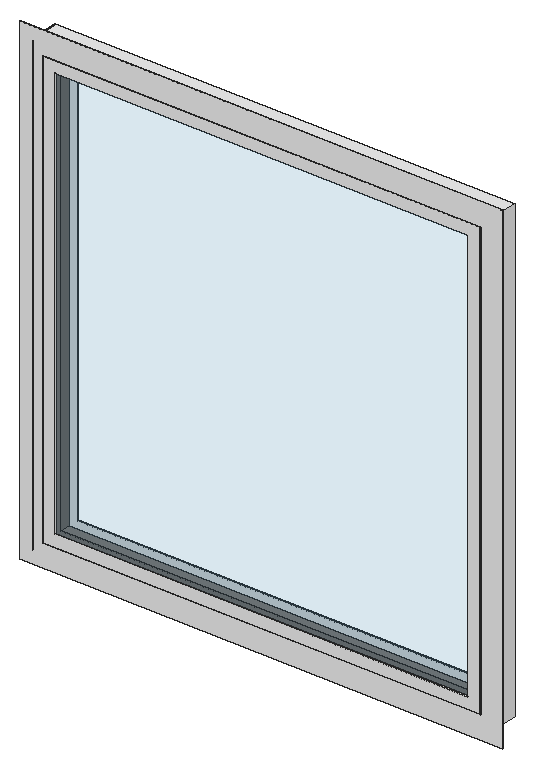
Revit family "Casement_34_D_Top_Hung_Custom", category Windows, host Wall, Revit 2014
Parameters (values of type "Casement_Sash_DG")
  Width Sash [instance] = 30 mm
  Width Sash Inner = 15 mm
  Width Bead = 15 mm
  Top Hung [instance] = yes
  Side Hung Right [instance] = yes
  Side Hung Left [instance] = yes
  Sash Opening Width [instance] = 600 mm
  Sash Opening Height [instance] = 600.312 mm
  Sash Lip = 15 mm
  Glazing Material [instance] = Glass
  DG Start Piece 2 [instance] = DG End Piece 1 + DG Gasket Thickness  # 25 mm
  DG Start Peice 1 [instance] = (Depth Sash - (2 * DG Glazing Thickness) - DG Gasket Thickness) / 2  # 6.6 mm
  Glazing Offset = 5 mm
  DG Glazing Thickness [instance] = 6.4 mm
  DG Gasket Thickness = 12 mm  # constant formula
  DG Gasket Material [instance] = Double Glazing Gasket Material
  DG End Piece 2 [instance] = DG Start Piece 2 + DG Glazing Thickness  # 31.4 mm
  DG End Piece 1 [instance] = DG Start Peice 1 + DG Glazing Thickness  # 13 mm
  Depth Sash [instance] = 38 mm
  Center Vertical Sash [instance] = Sash Opening Height / 2  # 300.156 mm
  Center Horizontal Sash [instance] = Sash Opening Width / 2  # 300 mm
  Bottom Hung [instance] = yes
  Bead Offset = 15 mm
  Aluminium Thickness = 1 mm
  Aluminium Material [instance] = White Powder Coated Aluminium
Reference planes
  plane 1 "Center (Front/Back)": y = 0
  plane 2: z = 0
  plane 3 "Center (Left/Right)": x = 0
Forms (mm)
  Sweep 1, solid, material "White Powder Coated Aluminium" <- "Aluminium Material"
    path origin (16.177, 0, 121.331) x (1, 0, 0) y (0, 0, 1)
      loop
        line (0, 0) -> (600, 0) -> (600, 600.312) -> (0, 600.312) -> (0, 0)
    profile origin (316.177, 0, 121.331) x (0, 0, 1) y (0, -1, 0)
      loop
        line (0, 0) -> (30, 0) -> (30, 1) -> (15, 1) -> (15, 38) -> (-15, 38) -> (-15, 37) -> (0, 37) -> (0, 0)
      loop
        line (14, 1) -> (14, 37) -> (1, 37) -> (1, 1) -> (14, 1)
  Sweep 2, solid, material "White Powder Coated Aluminium" <- "Aluminium Material"
    path origin (0, 0, 0) x (1, 0, 0) y (0, 0, 1)
      loop
        line (31.177, 706.643) -> (31.177, 136.331) -> (601.177, 136.331) -> (601.177, 706.643) -> (31.177, 706.643)
    profile origin (316.177, 0, 706.643) x (0, 0, 1) y (0, -1, 0)
      loop
        line (0, 37) -> (0, 38) -> (-15, 38) -> (-15, 37) -> (0, 37)
  Extrusion 3, solid, material "Glass" <- "Glazing Material"
    sketch origin (0, 0, 0) x (1, 0, 0) y (0, 0, 1)
      loop
        line (36.177, 701.643) -> (36.177, 141.331) -> (596.177, 141.331) -> (596.177, 701.643) -> (36.177, 701.643)
    from 6.6 <- "DG Start Peice 1" to 13 <- "DG End Piece 1"
  Extrusion 4, solid, material "Glass" <- "Glazing Material"
    sketch origin (0, 0, 0) x (1, 0, 0) y (0, 0, 1)
      loop
        line (36.177, 701.643) -> (36.177, 141.331) -> (596.177, 141.331) -> (596.177, 701.643) -> (36.177, 701.643)
    from 31.4 <- "DG End Piece 2" to 25 <- "DG Start Piece 2"
  Sweep 5, solid, material "Double Glazing Gasket Material" <- "DG Gasket Material"
    path origin (0, -13, 0) x (1, 0, 0) y (0, 0, 1)
      loop
        line (36.177, 701.643) -> (36.177, 141.331) -> (596.177, 141.331) -> (596.177, 701.643) -> (36.177, 701.643)
    profile origin (316.177, -13, 701.643) x (0, 0, 1) y (0, -1, 0)
      loop
        line (0, 0) -> (0, 12) -> (-7.96, 12) -> (-7.96, 0) -> (0, 0)
Lines and regions (mm)
  model lines
    curve 1: line (1.177, -38, 736.643) -> (31.177, -38, 706.643)
    curve 2: line (601.177, -38, 706.643) -> (631.177, -38, 736.643)
    curve 3: line (601.177, -38, 136.331) -> (631.177, -38, 106.331)
    curve 4: line (1.177, -38, 106.331) -> (31.177, -38, 136.331)
    curve 5: line (631.177, -37, 736.643) -> (616.177, -37, 721.643)
    curve 6: line (1.177, -37, 736.643) -> (16.177, -37, 721.643)
    curve 7: line (1.177, -37, 106.331) -> (16.177, -37, 121.331)
    curve 8: line (631.177, -37, 106.331) -> (616.177, -37, 121.331)
    curve 9: line (616.177, 0, 121.331) -> (586.177, 0, 151.331)
    curve 10: line (46.177, 0, 151.331) -> (16.177, 0, 121.331)
    curve 11: line (616.177, 0, 721.643) -> (586.177, 0, 691.643)
    curve 12: line (46.177, 0, 691.643) -> (16.177, 0, 721.643)
    curve 13: line (31.177, -38, 691.643) -> (46.177, -38, 691.643)
    curve 14: line (586.177, -38, 691.643) -> (601.177, -38, 691.643)
    curve 15: line (586.177, -38, 151.331) -> (601.177, -38, 151.331)
    curve 16: line (31.177, -38, 151.331) -> (46.177, -38, 151.331)
  model lines, style "GenericModelHiddenLines", visible <- "Top Hung"
    curve 17: line (46.386, -31.4, 690.914) -> (316.177, -31.4, 151.331)
    curve 18: line (316.177, -31.4, 151.331) -> (586.177, -31.4, 691.331)
  model lines, style "GenericModelHiddenLines", visible <- "Bottom Hung"
    curve 19: line (46.177, -31.4, 151.331) -> (316.177, -31.4, 691.331)
    curve 20: line (316.177, -31.4, 691.331) -> (586.177, -31.4, 151.331)
  model lines, style "GenericModelHiddenLines", visible <- "Side Hung Left"
    curve 21: line (46.386, -31.4, 690.914) -> (585.24, -31.4, 421.487)
    curve 22: line (585.24, -31.4, 421.487) -> (46.177, -31.4, 151.331)
  model lines, style "GenericModelHiddenLines", visible <- "Side Hung Right"
    curve 23: line (586.177, -31.4, 691.331) -> (46.177, -31.4, 421.487)
    curve 24: line (46.177, -31.4, 421.487) -> (586.177, -31.4, 151.331)
Dimensions and locks
  "Aluminium Thickness": Sweep 1 sketch curve to Sweep 1 sketch curve  (x4)
  "Depth Sash": Sweep 1 sketch curve to Sweep 1 sketch curve
  "Sash Opening Width": Sweep 1 to Sweep 1
  "Sash Opening Height": Sweep 1 to Sweep 1
  "Width Sash": Sweep 1 sketch curve to Sweep 1 sketch curve  (x2)
  "Width Sash Inner": Sweep 1 sketch curve to Sweep 1 sketch curve
  "Sash Lip": Sweep 1 sketch curve to Sweep 1 sketch curve
  "Aluminium Thickness": Sweep 1 to Sweep 2 sketch curve
  "Glazing Offset": Sweep 2 to Extrusion 3 sketch curve  (x3)
  "Glazing Offset": Extrusion 3 sketch curve to Sweep 2
  Sweep 1 to Sweep 1 = 1 mm
  "Aluminium Thickness": Sweep 2 sketch curve to Sweep 2 sketch curve
  "Width Bead": Sweep 2 sketch curve to Sweep 2 sketch curve
  locked: Sweep 5 sketch curve to Sweep 5 sketch curve at 7.96
  "Center Horizontal Sash": Sweep 1 to curve 18
  "Center Horizontal Sash": Sweep 1 to curve 20
  "Center Vertical Sash": Sweep 1 to curve 22
  "Center Vertical Sash": Sweep 1 to curve 24
  aligned and locked: level to plane 2
  aligned and locked: Sweep 1 sketch curve to Sweep 1 sketch curve  (x2)
  aligned and locked: Sweep 2 sketch curve to Sweep 1  (x5)
  aligned and locked: Extrusion 4 sketch curve to Extrusion 3  (x4)
  aligned and locked: Sweep 5 sketch curve to Extrusion 3  (x5)
  aligned and locked: Extrusion 3 to Sweep 5 sketch curve
Automatic sketch dimensions
  plane 3 "Center (Left/Right)" to Sweep 1 sketch curve = 16.177 mm
  level to Sweep 1 sketch curve = 121.331 mm
  plane 3 "Center (Left/Right)" to Sweep 1 sketch curve = 616.177 mm
  level to Sweep 1 sketch curve = 721.643 mm
  profile plane to Sweep 5 sketch curve = 12 mm
  curve 7 to Sweep 1 = 0 mm  (x4)
  curve 6 to Sweep 1 = 0 mm  (x3)
  Sweep 1 to curve 6 = 0 mm
  curve 5 to Sweep 1 = 0 mm  (x3)
  curve 8 to Sweep 1 = 0 mm  (x4)
  Sweep 1 to curve 5 = 0 mm
  curve 16 to Sweep 2 = 0 mm  (x3)
  curve 13 to Sweep 2 = 0 mm  (x3)
  curve 15 to Sweep 2 = 0 mm
  Sweep 2 to curve 15 = 0 mm  (x2)
  curve 14 to Sweep 2 = 0 mm  (x2)
  Sweep 2 to curve 14 = 0 mm
  curve 1 to Sweep 1 = 0 mm  (x4)
  curve 4 to Sweep 1 = 0 mm  (x3)
  Sweep 1 to curve 4 = 0 mm
  curve 3 to Sweep 1 = 0 mm  (x3)
  curve 2 to Sweep 1 = 0 mm  (x4)
  Sweep 1 to curve 3 = 0 mm
  curve 10 to Sweep 1 = 0 mm  (x4)
  curve 12 to Sweep 1 = 0 mm  (x3)
  Sweep 1 to curve 12 = 0 mm
  curve 9 to Sweep 1 = 0 mm  (x4)
  curve 11 to Sweep 1 = 0 mm  (x3)
  Sweep 1 to curve 11 = 0 mm
  Sweep 1 sketch curve to plane 1 "Center (Front/Back)" = 0 mm
  profile plane to Sweep 1 sketch curve = 0 mm
  curve 21 to Extrusion 4 = 10.208 mm
  curve 19 to Extrusion 4 = 10 mm
  curve 23 to Extrusion 4 = 10 mm  (x2)
  curve 22 to Extrusion 4 = 10.937 mm
  curve 20 to Extrusion 4 = 10 mm
  curve 24 to Extrusion 4 = 10 mm
  curve 22 to Extrusion 4 = 10 mm
  curve 18 to Extrusion 4 = 10 mm
  curve 21 to Extrusion 4 = 10.729 mm
  curve 19 to Extrusion 4 = 10.312 mm
  curve 18 to Extrusion 4 = 10.312 mm
